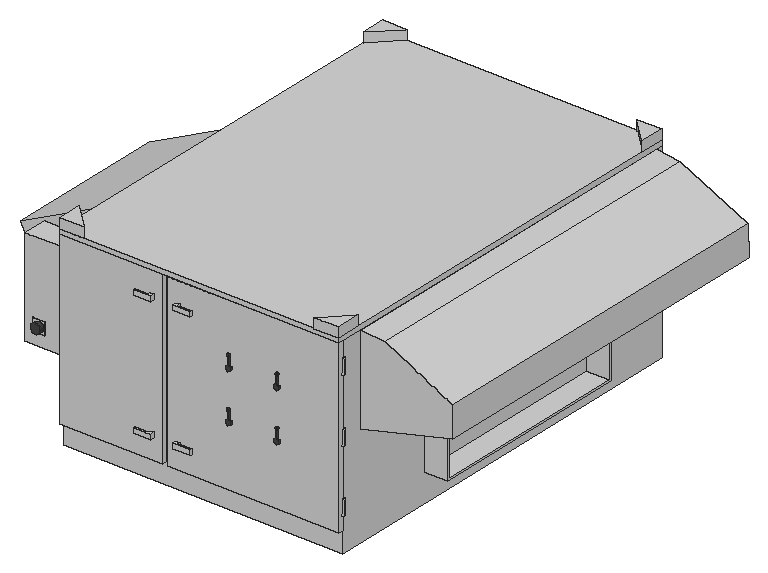
Revit family "HE4XRTF_FEB23", category Mechanical Equipment, Revit 2019
Family settings
  Round Connector Dimension = Use Diameter
  Part Type = Normal
  OmniClass Number = 23.75.00.00
  OmniClass Title = Climate Control (HVAC)
  Work Plane-Based = No
  Always vertical = Yes
  Cut with Voids When Loaded = No
  Shared = No
  Room Calculation Point = No
Parameters (values of type "2.0 HP 120V Single Phase")
  Voltage = "120"
  Ventilation Type = "Static Plate, Heat and Humidity Transfer"
  Unit Width = "83\""
  Unit Weight = "838-1,143 lbs."
  Unit Length = "94\""
  Unit Height = "44\""
  Unit = Metal - RenewAire - Anodized - Gray Text
  URL = "www.renewaire.com"
  Typical Airflow Range = "1,000 - 4,400 CFM"
  Standard Features = "TEFC Premium efficiency motors, Motor starters, Non-Fused Disconnect, 24VAC Transformer/Relay Package"
  Shipping Weight = "1,279 lbs."
  Service Area Visibility = no
  Service Area Box = Interference - RenewAire - Smooth - Light - Gold
  Revit Object Download Link = ""
  Phase = "Single"
  Options = "Integrated programmable controls, Fused disconnect, Double wall construction, Factory supplied and mounted variable frequency drives (VFDs) – one or both airstreams, Class 1 low leakage motorized isolation dampers – OA, RA or both airstreams, Qty. 2 Factory mounted filter alarms, Exterior Paint - white, custom colors"
  Number Motors = "Qty. 2, Belt drive blower/standard motor packages with adjustable sheaves"
  Model = "HE 4XRTF"
  Minimum Circuit Amps = "45.0 A"
  Maximum Overcurrent Protection = "60 A"
  Max. Shipping Width = "90\""
  Max. Shipping Length = "80\""
  Max. Shipping Height = "67\""
  Manufacturer = "RenewAire LLC"
  Frequency = "60 HZ"
  FLA per Motor = "20.0"
  Description = "Energy Recovery Ventilator"
  Connector Base Material = Glass - With - Transparency
  Accessories = "Filters - MERV 13, 2\" (shipped loose),Roof curb - standard 14\", Curb wind clip, Engineered combo curb for Carrier RTU, Engineered combo curb for Trane RTU, Digital time clock - wall mount(TC7D-W), in exterior enclosure (TC7D-E), Motion occupancy control - ceiling mount(MC-C), wall mount(MC-W), Carbon dioxide control - wall mount (CO2-W), duct mount(CO2-D), Electric duct heater – EK series (1-60 KW); EH series (61-175kW), designed for indoor ductwork installation only, Indirect gas-fired duct furnace - GH Series (50-400 MBH), installed downstream of any fans"
  AHRI 1060 Certified Core = "Four L125-G5"
Types (13): name | Voltage | Phase | Minimum Circuit Amps | Maximum Overcurrent Protection | FLA per Motor
  (no name) | "120" | "Single" | "45.0 A" | "60 A" | "20.0"
  2.0 HP 120V Single Phase | "120" | "Single" | "45.0 A" | "60 A" | "20.0"
  2.0 HP 208-230V Three Phase | "208-230" | "Three" | "14.9 A" | "20 A" | "6.6-5.8"
  2.0 HP 208-230 Single Phase | "208-230" | "Single" | "24.3 A" | "35 A" | "10.8-10.0"
  2.0 HP 460V Three Phase | "460" | "Three" | "6.5 A" | "15 A" | "2.9"
  2.0 HP 575V Three Phase | "575" | "Three" | "5.4 A" | "15 A" | "2.4"
  3.0 HP 208-230V Single Phase | "208-230" | "Single" | "33.1" | "40 A" | "14.7-14"
  3.0 HP 208-230V Three Phase | "208-230" | "Three" | "21.1 A" | "25 A" | "9.4-8.5"
  3.0 HP 460V Three Phase | "460" | "Three" | "9.5 A" | "15 A" | "4.2"
  3.0 HP 575V Three Phase | "575" | "Three" | "7.4 A" | "15 A" | "3.3"
  5.0 HP 208-230V Three Phase | "208-230" | "Three" | "32.6 A" | "45 A" | "14.5-13.4"
  5.0 HP 460V Three Phase | "460" | "Three" | "15.1 A" | "20 A" | "6.7"
  5.0 HP 575V Three Phase | "575" | "Three" | "11.9 A" | "15 A" | "5.3"
Reference planes (in)
  plane 1 "Center (Front/Back)": y = 0
  plane 2: z = 0
  plane 3 "Center (Left/Right)": x = 0
Forms (in)
  Extrusion 1, solid, material "Metal - RenewAire - Anodized - Gray Text" <- "Unit"
    sketch origin (0, 0, 0) x (1, 0, 0) y (0, 0, 1)
      loop
        line (-28.6875, 0) -> (28.6875, 0) -> (28.6875, 39.25) -> (-28.6875, 39.25) -> (-28.6875, 0)
    from 40.5625 to -41.5625
  Extrusion 2, solid, material "Metal - RenewAire - Anodized - Gray Text"
    sketch origin (0, 0, 0) x (1, 0, 0) y (0, 0, 1)
      loop
        line (-28.6875, 39.25) -> (28.6875, 39.25) -> (28.6875, 40.25) -> (-28.6875, 40.25) -> (-28.6875, 39.25)
    from 41.5625 to -41.5625
  Extrusion 3, solid, material "Metal - RenewAire - Anodized - Gray Text"
    sketch origin (0, 0, 0) x (1, 0, 0) y (0, 0, 1)
      loop
        line (-6.4375, 39.25) -> (-6.4375, 4.25) -> (28.6875, 4.25) -> (28.6875, 39.25) -> (-6.4375, 39.25)
      loop
        line (-28.6875, 39.25) -> (-28.6875, 4.25) -> (-7.5625, 4.25) -> (-7.5625, 39.25) -> (-28.6875, 39.25)
    from 41.5625 to 40.5625
  Extrusion 4, solid, material "Metal - RenewAire - Anodized - Gray Text"
    sketch origin (0, -10.4375, 0) x (1, 0, 0) y (0, 1, 0)
      loop
        circle (-28.9375, -30.125) r 0.25
      loop
        circle (28.9375, -30.125) r 0.25
    from 10.25 to 7.25
  Extrusion 5, solid, material "Metal - RenewAire - Anodized - Gray Text"
    sketch origin (0, -10.4375, 0) x (1, 0, 0) y (0, 1, 0)
      loop
        circle (-28.9375, -30.125) r 0.25
      loop
        circle (28.9375, -30.125) r 0.25
    from 36.25 to 33.25
  Extrusion 6, solid, material "Metal - RenewAire - Anodized - Gray Text"
    sketch origin (0, -10.4375, 0) x (1, 0, 0) y (0, 1, 0)
      loop
        circle (-28.9375, -30.125) r 0.25
      loop
        circle (28.9375, -30.125) r 0.25
    from 23.125 to 20.125
  Extrusion 7, solid, material "Metal - RenewAire - Anodized - Gray Text"
    sketch origin (0, -10.4375, 0) x (1, 0, 0) y (0, 1, 0)
      loop
        line (-4.6875, -31.125) -> (-4.6875, -32) -> (-1.1875, -32) -> (-1.1875, -31.625) -> (-3.9375, -31.625) -> (-3.9375, -31.125) -> (-4.6875, -31.125)
      loop
        line (-9.3125, -31.125) -> (-10.0625, -31.125) -> (-10.0625, -31.625) -> (-12.8125, -31.625) -> (-12.8125, -32) -> (-9.3125, -32) -> (-9.3125, -31.125)
    from 9.5 to 8.5
  Extrusion 8, solid, material "Metal - RenewAire - Anodized - Gray Text"
    sketch origin (0, -10.4375, 0) x (1, 0, 0) y (0, 1, 0)
      loop
        line (-4.6875, -31.125) -> (-4.6875, -32) -> (-1.1875, -32) -> (-1.1875, -31.625) -> (-3.9375, -31.625) -> (-3.9375, -31.125) -> (-4.6875, -31.125)
      loop
        line (-9.3125, -31.125) -> (-10.0625, -31.125) -> (-10.0625, -31.625) -> (-12.8125, -31.625) -> (-12.8125, -32) -> (-9.3125, -32) -> (-9.3125, -31.125)
    from 35 to 34
  Extrusion 9, solid, material "Metal - RenewAire - Anodized - Gray Text"
    sketch origin (0, 0, -3.36861) x (1, 0, 0) y (0, 0, 1)
      loop
        line (-28.6875, 37.5) -> (-39, 37.5) -> (-39, 17.5) -> (-28.6875, 17.5) -> (-28.6875, 37.5)
    from 37.5625 to 32.5625
  Extrusion 10, solid, material "Metal - RenewAire - Anodized - Gray Text"
    sketch origin (0, 0, -3.36861) x (1, 0, 0) y (0, 0, 1)
      loop
        line (-37.375, 22.5) -> (-37.375, 20) -> (-34.875, 20) -> (-34.875, 22.5) -> (-37.375, 22.5)
    from 37.6875 to 37.5625
  Extrusion 11, solid, material "MonitorPorts"
    sketch origin (0, 0, -3.36861) x (1, 0, 0) y (0, 0, 1)
      loop
        circle (-36.125, 21.25) r 1
    from 38.5625 to 37.5625
  Extrusion 12, solid, material "Metal - RenewAire - Anodized - Gray Text" <- "Unit"
    sketch origin (0, 0, 0) x (0, 1, 0) y (0, 0, 1)
      loop
        line (22.3125, 20) -> (-19.6875, 20) -> (-19.6875, 6) -> (22.3125, 6) -> (22.3125, 20)
      loop
        line (22.0625, 19.75) -> (-19.4375, 19.75) -> (-19.4375, 6.25) -> (22.0625, 6.25) -> (22.0625, 19.75)
    from 33.6875 to 28.6875
  Extrusion 13, solid, material "Interference - RenewAire - Smooth - Light - Gold" <- "Service Area Box", visible <- "Service Area Visibility"
    sketch origin (0, 0, 0) x (1, 0, 0) y (0, 0, 1)
      loop
        line (28.6875, 40.25) -> (-39, 40.25) -> (-39, 0) -> (28.6875, 0) -> (28.6875, 40.25)
    from 80.4375 to 41.5625
  Extrusion 14, solid, material "Metal - RenewAire - Anodized - Gray Text" <- "Unit"
    sketch origin (0, 0, 0) x (1, 0, 0) y (0, 1, 0)
      loop
        line (-28.6875, 41.5625) -> (-28.6875, 36.5625) -> (-23.6875, 41.5625) -> (-28.6875, 41.5625)
      loop
        line (-28.6875, -41.5625) -> (-23.6875, -41.5625) -> (-28.6875, -36.5625) -> (-28.6875, -41.5625)
      loop
        line (28.6875, -41.5625) -> (28.6875, -36.5625) -> (23.6875, -41.5625) -> (28.6875, -41.5625)
      loop
        line (28.6875, 41.5625) -> (23.6875, 41.5625) -> (28.6875, 36.5625) -> (28.6875, 41.5625)
    from 42.25 to 40.25
  Extrusion 15, void
    sketch origin (0, 3, 0) x (1, 0, 0) y (0, 1, 0)
      loop
        line (-18.4995, -19.9375) -> (-18.4995, -30.9375) -> (-11.6245, -30.9375) -> (-11.6245, -19.9375) -> (-18.4995, -19.9375)
      loop
        line (-18.4995, 0.5625) -> (-18.4995, -10.4375) -> (-11.6245, -10.4375) -> (-11.6245, 0.5625) -> (-18.4995, 0.5625)
    from 4.75 to -1.74859
  Extrusion 16, solid, material "Metal - RenewAire - Anodized - Gray Text"
    sketch origin (0, 0, 0) x (1, 0, 0) y (0, 0, 1)
      loop
        line (28.6875, 39.25) -> (28.6875, 21) -> (47.8125, 26) -> (47.8125, 32.25) -> (33.6875, 38.75) -> (28.6875, 39.25)
    from 36 to -40
  Extrusion 17, solid, material "Metal - RenewAire - Anodized - Gray Text"
    sketch origin (0, 0, 0) x (1, 0, 0) y (0, 0, 1)
      loop
        line (-28.6875, 22.25) -> (-28.6875, 39.25) -> (-45.8125, 30.75) -> (-43.0625, 25.20956) -> (-34.0625, 22.25) -> (-28.6875, 22.25)
    from 30.3125 to -3
  Extrusion 18, void
    sketch origin (0, 0, 0) x (1, 0, 0) y (0, 1, 0)
      loop
        line (-28.1875, 41.0625) -> (-28.1875, -40.0625) -> (28.1875, -40.0625) -> (28.1875, 41.0625) -> (-28.1875, 41.0625)
    from 4.625 to -2.68575
Cuts and joins
  Extrusion 15, Extrusion 18 cuts Extrusion 1
  Extrusion 18 cuts Extrusion 3
  Extrusion 18 cuts Extrusion 13
Dimensions and locks (in)
  Extrusion 2 to Extrusion 3 sketch curve to Extrusion 3 sketch curve = 1' - 9 1/8", 3' - 0 1/4"
  aligned and locked: level to plane 2
Nested families (in)
  nested 1: "Monitoring Port" at (16.125, -41.5625, 19.472) x (-1, 0, 0) z (0, 0, -1), type "Monitoring Port"
  nested 2: "Monitoring Port" at (6.125, -41.5625, 19.472) x (-1, 0, 0) z (0, 0, -1), type "Monitoring Port"
  nested 3: "Monitoring Port" at (16.125, -41.5625, 29.472) x (-1, 0, 0) z (0, 0, -1), type "Monitoring Port"
  nested 4: "Monitoring Port" at (6.125, -41.5625, 29.472) x (-1, 0, 0) z (0, 0, -1), type "Monitoring Port"
Connectors (in)
  hvac at (33.6875, 1.3125, 13)
    settings: on Extrusion 12, index 4, duct flow 0 CFM, flow factor 0, pres drop 0.00 in-wg, loss coef 0, conn angle 0.00°, conn width 42", conn height 14", conn diameter 24", duct sys type 2, conn prof type 1, flow config 0, flow direction 1, loss method 0, conn ref index -1, conn util no, is conn primary yes, conn desc "RA (Return Air)"
  hvac at (-15.062, -22.4375, 4.75)
    settings: on cut or joined group of Extrusion 1, Extrusion 15, Extrusion 18, index 6, duct flow 0 CFM, flow factor 0, pres drop 0.00 in-wg, loss coef 0, conn angle 0.00°, conn width 11", conn height 6 7/8", conn diameter 24", duct sys type 1, conn prof type 1, flow config 0, flow direction 2, loss method 0, conn ref index -1, conn util no, is conn primary no, conn desc "FA (Fresh Air)"
  hvac at (-15.062, -1.9375, 4.75)
    settings: on cut or joined group of Extrusion 1, Extrusion 15, Extrusion 18, index 7, duct flow 0 CFM, flow factor 0, pres drop 0.00 in-wg, loss coef 0, conn angle 0.00°, conn width 11", conn height 6 7/8", conn diameter 24", duct sys type 1, conn prof type 1, flow config 0, flow direction 2, loss method 0, conn ref index -1, conn util no, is conn primary no, conn desc "FA (Fresh Air)"
Definition of nested family "Monitoring Port"
  Parameters
    URL = "www.renewaire.com"
    Revit Object Download Link = ""
    Model = ""
    Manufacturer = "RenewAire LLC"
    Description = "Monitoring Ports"
  Reference planes (in)
    plane 1 "Center (Front/Back)": y = 0
    plane 2: z = 0
    plane 3 "Center (Left/Right)": x = 0
  Forms (in)
    Extrusion 1, solid
      sketch origin (-9.43348, 0, 37.76669) x (-1, 0, 0) y (0, 0, -1)
        loop
          line (-9.53348, 35.65895) -> (-9.94097, 35.42369) -> (-9.94097, 34.83769) -> (-9.43348, 34.54469) -> (-8.92599, 34.83769) -> (-8.92599, 35.42369) -> (-9.33348, 35.65895) -> (-9.33348, 37.28756)
          arc (-9.33348, 37.28756) -> (-9.43348, 37.76669) -> (-9.53348, 37.28756) r 0.25
          line (-9.53348, 37.28756) -> (-9.53348, 35.65895)
      from 0 to 0.25
  Dimensions and locks (in)
    aligned and locked: level to plane 2
